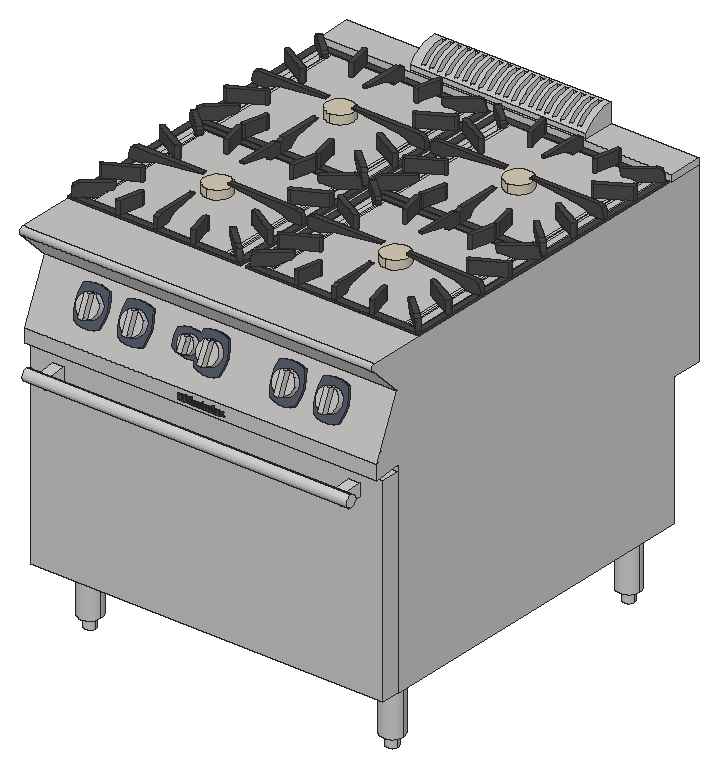
Revit family "QF_ELECTROLUXPROFESSIONAL_391006_E9GCGH4CGM", category Specialty Equipment, Revit 2018 (continued)
Automatic sketch dimensions
  Extrusion 12 sketch curve to Extrusion 12 sketch curve = 1.131 mm
  Extrusion 12 sketch curve to Extrusion 12 sketch curve = 0.137 mm
  Extrusion 12 sketch curve to Extrusion 12 sketch curve = 0.027 mm
  Extrusion 12 sketch curve to Extrusion 12 sketch curve = 2.235 mm
  Extrusion 13 sketch curve to Extrusion 1 = 0 mm
  Extrusion 1 to Extrusion 13 sketch curve = 9.61 mm
  Extrusion 13 sketch curve to Extrusion 1 = 0.775 mm
  Extrusion 1 to Extrusion 13 sketch curve = 0.1 mm
  Extrusion 15 sketch curve to plane 12 = 13.597 mm
  Extrusion 15 sketch curve to plane 13 = 298.908 mm
  plane 5 "FRONT" to Extrusion 15 sketch curve = 18.336 mm
  Extrusion 15 sketch curve to Extrusion 15 sketch curve = 3.343 mm
  Extrusion 15 sketch curve to Extrusion 15 sketch curve = 2.066 mm
  Extrusion 15 sketch curve to Extrusion 15 sketch curve = 0 mm  (x2)
  Extrusion 15 sketch curve to Extrusion 15 sketch curve = 1.593 mm
  Extrusion 15 sketch curve to Extrusion 15 sketch curve = 5.756 mm
  Extrusion 15 sketch curve to Extrusion 15 sketch curve = 4.906 mm
  Extrusion 15 sketch curve to Extrusion 15 sketch curve = 5.312 mm
  plane 5 "FRONT" to Extrusion 15 sketch curve = 9.206 mm
  Extrusion 15 sketch curve to Extrusion 15 sketch curve = 11.3 mm
  Extrusion 15 sketch curve to Extrusion 15 sketch curve = 28.009 mm
  Extrusion 15 sketch curve to Extrusion 15 sketch curve = 2.83 mm
  Extrusion 16 sketch curve to plane 12 = 13.597 mm
  Extrusion 16 sketch curve to plane 13 = 298.908 mm
  plane 5 "FRONT" to Extrusion 16 sketch curve = 18.336 mm
  Extrusion 16 sketch curve to Extrusion 16 sketch curve = 3.343 mm
  Extrusion 16 sketch curve to Extrusion 16 sketch curve = 2.066 mm
  Extrusion 16 sketch curve to Extrusion 16 sketch curve = 0 mm  (x2)
  Extrusion 16 sketch curve to Extrusion 16 sketch curve = 1.593 mm
  Extrusion 16 sketch curve to Extrusion 16 sketch curve = 5.756 mm
  Extrusion 16 sketch curve to Extrusion 16 sketch curve = 4.906 mm
  Extrusion 16 sketch curve to Extrusion 16 sketch curve = 5.312 mm
  plane 5 "FRONT" to Extrusion 16 sketch curve = 9.206 mm
  Extrusion 16 sketch curve to Extrusion 16 sketch curve = 11.3 mm
  Extrusion 16 sketch curve to Extrusion 16 sketch curve = 28.009 mm
  Extrusion 16 sketch curve to Extrusion 16 sketch curve = 11.2 mm
  Extrusion 17 sketch curve to Extrusion 13 = 0 mm
  Extrusion 17 sketch curve to Extrusion 13 = 0.003 mm
  Extrusion 13 to Extrusion 17 sketch curve = 0 mm
  plane 5 "FRONT" to Extrusion 19 sketch curve = 0 mm  (x2)
  plane 1 "BACK" to Extrusion 19 sketch curve = 0 mm
  Extrusion 19 sketch curve to plane 3 "LEFT" = 0 mm
  Extrusion 19 sketch curve to plane 4 "RIGHT" = 0 mm
  Extrusion 19 sketch curve to plane 3 "LEFT" = 100.013 mm
  Extrusion 19 sketch curve to Extrusion 19 sketch curve = 100.013 mm
  Extrusion 19 sketch curve to plane 1 "BACK" = 100.013 mm
  plane 4 "RIGHT" to Revolve 3 sketch curve = 56 mm
  Revolve 3 sketch curve to Revolve 3 sketch curve = 0 mm
  plane 4 "RIGHT" to Revolve 4 sketch curve = 56 mm
  Revolve 4 sketch curve to Revolve 4 sketch curve = 0 mm
  Extrusion 9 sketch curve to Extrusion 9 sketch curve = 15.898 mm
  plane 5 "FRONT" to curve 1 = 0 mm
  curve 9 to plane 3 "LEFT" = 0 mm
  plane 5 "FRONT" to curve 20 = 0 mm
  curve 5 to plane 4 "RIGHT" = 0 mm
  curve 1 to plane 3 "LEFT" = 100.013 mm
  plane 5 "FRONT" to curve 13 = 7.706 mm
  plane 14 to curve 13 = 25.075 mm
  plane 14 to curve 20 = 5.2 mm
  curve 22 to plane 14 = 20.2 mm
  curve 17 to plane 18 = 20.2 mm
  plane 18 to curve 23 = 5.2 mm
  plane 5 "FRONT" to curve 15 = 7.706 mm
  curve 15 to curve 15 = 19.875 mm
  plane 4 "RIGHT" to curve 10 = 0.1 mm
  curve 2 to plane 4 "RIGHT" = 100.013 mm
  curve 17 to curve 17 = 23.508 mm
  curve 20 to curve 19 = 15.802 mm
  curve 12 to curve 20 = 9.598 mm
  curve 9 to curve 12 = 387.524 mm
  curve 18 to curve 17 = 7.706 mm
  plane 5 "FRONT" to curve 10 = 0.63 mm
  curve 3 to plane 5 "FRONT" = 0.396 mm
  plane 11 to curve 7 = 4.762 mm
  curve 2 to plane 1 "BACK" = 100.013 mm
  plane 1 "BACK" to curve 24 = 0 mm
  curve 24 to plane 14 = 144 mm
  plane 1 "BACK" to curve 105 = 6.761 mm
  curve 24 to curve 105 = 20.698 mm
  curve 104 to curve 103 = 9.296 mm
  curve 103 to curve 102 = 9.397 mm
  curve 100 to curve 99 = 9.296 mm
  curve 99 to curve 97 = 9.397 mm
  curve 97 to curve 98 = 9.296 mm
  curve 95 to curve 93 = 9.397 mm
  curve 93 to curve 94 = 9.296 mm
  curve 91 to curve 90 = 9.397 mm
  curve 89 to curve 87 = 9.296 mm
  curve 87 to curve 85 = 9.397 mm
  curve 85 to curve 86 = 9.296 mm
  curve 83 to curve 82 = 9.397 mm
  curve 81 to curve 82 = 9.296 mm
  curve 79 to curve 76 = 9.397 mm
  curve 77 to curve 78 = 9.296 mm
  curve 75 to curve 72 = 9.397 mm
  curve 73 to curve 74 = 9.296 mm
  curve 71 to curve 68 = 9.397 mm
  curve 67 to plane 7 "Center Y" = 1.823 mm
  plane 7 "Center Y" to curve 65 = 7.574 mm
  curve 65 to curve 66 = 9.296 mm
  curve 63 to curve 61 = 9.397 mm
  curve 61 to curve 59 = 9.296 mm
  curve 59 to curve 57 = 9.397 mm
  curve 57 to curve 55 = 9.296 mm
  curve 55 to curve 53 = 9.397 mm
  curve 53 to curve 51 = 9.296 mm
  curve 51 to curve 48 = 9.397 mm
  curve 49 to curve 47 = 9.296 mm
  curve 47 to curve 45 = 9.397 mm
  curve 45 to curve 46 = 9.296 mm
  curve 43 to curve 41 = 9.397 mm
  curve 41 to curve 42 = 9.296 mm
  curve 39 to curve 37 = 9.397 mm
  curve 37 to curve 38 = 9.296 mm
  curve 35 to curve 32 = 9.397 mm
  curve 33 to curve 31 = 9.296 mm
  curve 31 to curve 28 = 9.397 mm
  curve 29 to curve 27 = 9.296 mm
  curve 27 to curve 26 = 14.847 mm
  plane 11 to curve 26 = 11.113 mm
  plane 11 to curve 104 = 17.052 mm
  plane 11 to curve 100 = 17.052 mm
  curve 100 to curve 96 = 0 mm
  curve 25 to curve 27 = 5.939 mm
  curve 95 to curve 93 = 0 mm
  curve 31 to curve 28 = 0 mm
  curve 91 to curve 89 = 0 mm
  curve 35 to curve 32 = 0 mm
  curve 87 to curve 85 = 0 mm
  curve 39 to curve 36 = 0 mm
  curve 83 to curve 81 = 0 mm
  curve 43 to curve 40 = 0 mm
  curve 79 to curve 77 = 0 mm
  curve 47 to curve 44 = 0 mm
  curve 75 to curve 73 = 0 mm
  curve 51 to curve 48 = 0 mm
  curve 71 to curve 69 = 0 mm
  curve 55 to curve 52 = 0 mm
  curve 67 to curve 65 = 0 mm
  curve 59 to curve 56 = 0 mm
  plane 1 "BACK" to curve 62 = 6.761 mm
  plane 1 "BACK" to curve 63 = 6.761 mm
  plane 1 "BACK" to curve 58 = 6.761 mm
  plane 1 "BACK" to curve 67 = 6.761 mm
  plane 1 "BACK" to curve 54 = 6.761 mm
  plane 1 "BACK" to curve 50 = 6.761 mm
  plane 1 "BACK" to curve 73 = 6.761 mm
  plane 1 "BACK" to curve 46 = 6.761 mm
  plane 1 "BACK" to curve 77 = 6.761 mm
  plane 1 "BACK" to curve 42 = 6.761 mm
  plane 1 "BACK" to curve 81 = 6.761 mm
  plane 1 "BACK" to curve 83 = 6.761 mm
  plane 1 "BACK" to curve 38 = 6.761 mm
  plane 1 "BACK" to curve 34 = 6.761 mm
  plane 1 "BACK" to curve 89 = 6.761 mm
  plane 1 "BACK" to curve 91 = 6.761 mm
  plane 1 "BACK" to curve 30 = 6.761 mm
  plane 1 "BACK" to curve 95 = 6.761 mm
  plane 1 "BACK" to curve 101 = 6.761 mm
  radius of Extrusion 10 sketch curve = 25.4 mm  (x5)
  radius of Extrusion 10 sketch curve = 19.05 mm
  radius of Extrusion 11 sketch curve to Extrusion 10 = 0 mm  (x6)
  radius of Extrusion 14 sketch curve to Extrusion 16 = 0 mm
  radius of Extrusion 18 sketch curve = 6.4 mm  (x2)
Nested families
  nested 1: "371009_BURNER" at (393.7, -440.488, 0) x (-1, 0, 0) z (0, 0, 1), type "371009_BURNER"
    with Type Mark "", Status "", Specification by User "", Revision Code "", Item Number "", Installed By "", Identify Quantity as Lot yes, Furnished By "", Foodservice Equipment Identifier yes
  nested 2: "371009_BURNER" at (393.7, -440.488, 0) x (-1, 0, 0) z (0, 0, 1), type "371009_BURNER"
    with Type Mark "", Status "", Specification by User "", Revision Code "", Item Number "", Installed By "", Identify Quantity as Lot yes, Furnished By "", Foodservice Equipment Identifier yes
  nested 3: "371009_BURNER" at (406.4, -440.488, 0), type "371009_BURNER"
    with Type Mark "", Status "", Specification by User "", Revision Code "", Item Number "", Installed By "", Identify Quantity as Lot yes, Furnished By "", Foodservice Equipment Identifier yes
  nested 4: "371009_BURNER" at (406.4, -440.488, 0), type "371009_BURNER"
    with Type Mark "", Status "", Specification by User "", Revision Code "", Item Number "", Installed By "", Identify Quantity as Lot yes, Furnished By "", Foodservice Equipment Identifier yes
Connectors
  piping at (749.3, -665.163, 128.587), diameter 12.8
    settings: on Extrusion 18, index 1, connector inside diameter 0.50394", connector length 0 mm, flow factor 0, pipe flow 0 GPM, pressure drop 0.00 psi, fitting loss kfactor 0, connector angle 0.00°, fixture units 0, engagement length 0 mm, angle of deflection 0.00°, flow configuration 1, flow direction 1, fitting loss method 0, system type 7, joint type 0, gender type 0, connector reference index -1, connector utility 0, adjustable connector no, is connector primary yes, connector description "GAS CONNECTION"
Definition of nested family "371009_BURNER"
  Parameters
    Weight in Pounds = 0
    URL Cutsheet = ""
    URL = "www.electrolux.com"
    Type Mark [instance] = ""
    Status [instance] = ""
    Specification by User [instance] = ""
    Specification by Manufacturer = ""
    Show Clearance [instance] = yes
    Serial Number = ""
    Seismic Rating = ""
    SMACNA No = ""
    Revision Code [instance] = ""
    Omniclass Number and Title = ""
    NAFEM Spec ID Number = ""
    Model = "371009"
    Masterspec = ""
    Manufacturer = "ELECTROLUX"
    Item Number [instance] = ""
    Installed By [instance] = ""
    Identify Quantity as Lot [instance] = yes
    Furnished By [instance] = ""
    Foodservice Equipment Identifier [instance] = yes
    Description = ""
    CSI MasterFormat = ""
    CSI Master Format = ""
  Reference planes
    plane 1 "BACK": y = 0
    plane 2: z = 0
    plane 3 "LEFT": x = 0
    plane 4 "RIGHT": x = 393.7
    plane 5 "FRONT": y = -355.6
    plane 6 "TOP": z = 908.85
    plane 7 "Center Y": x = 196.85
    plane 8 "Center X": y = -177.8
    plane 9 "Base": z = 150
    plane 10: z = 850.85
  Forms (mm)
    Extrusion 1, solid
      sketch origin (-6.433, -404.961, 5) x (1, 0, 0) y (0, 0, -1)
        loop
          arc (7.142, -850.85) -> (6.739, -862.989) -> (9.761, -874.752) r 42.809
          line (9.761, -874.752) -> (19.961, -879.425) -> (173.122, -879.425)
          arc (173.122, -879.425) -> (174.316, -878.312) -> (173.289, -877.043) r 1.197
          line (173.289, -877.043) -> (64.848, -864.021)
          arc (64.848, -864.021) -> (50.111, -858.738) -> (36.589, -850.85) r 85.245
          line (36.589, -850.85) -> (7.142, -850.85)
        loop
          line (399.424, -850.85) -> (369.977, -850.85)
          arc (369.977, -850.85) -> (356.455, -858.738) -> (341.718, -864.021) r 85.245
          line (341.718, -864.021) -> (233.277, -877.043)
          arc (233.277, -877.043) -> (232.25, -878.312) -> (233.444, -879.425) r 1.197
          line (233.444, -879.425) -> (386.605, -879.425) -> (396.806, -874.752)
          arc (396.806, -874.752) -> (399.827, -862.989) -> (399.424, -850.85) r 42.809
      from 224.564 to 234.564
    Extrusion 2, solid
      sketch origin (196.85, 175.397, 1219.2) x (0, 1, 0) y (0, 0, 1)
        loop
          line (-204.463, -363.35) -> (-175.397, -363.35) -> (-175.397, -339.506)
          arc (-175.397, -339.506) -> (-181.025, -338.266) -> (-185.611, -334.775) r 13.39
          line (-185.611, -334.775) -> (-278.903, -334.775)
          arc (-278.903, -334.775) -> (-280.097, -335.888) -> (-279.07, -337.157) r 1.197
          line (-279.07, -337.157) -> (-227.151, -347.464)
          arc (-227.151, -347.464) -> (-213.741, -352.457) -> (-204.463, -363.35) r 28.426
        loop
          arc (-496.332, -363.35) -> (-487.053, -352.457) -> (-473.644, -347.464) r 28.426
          line (-473.644, -347.464) -> (-421.725, -337.157)
          arc (-421.725, -337.157) -> (-420.697, -335.888) -> (-421.891, -334.775) r 1.197
          line (-421.891, -334.775) -> (-515.184, -334.775)
          arc (-515.184, -334.775) -> (-519.769, -338.266) -> (-525.397, -339.506) r 13.39
          line (-525.397, -339.506) -> (-525.397, -363.35) -> (-496.332, -363.35)
      from -5 to 5
    Extrusion 3, solid
      sketch origin (-6.433, 367.064, 850.85) x (0, -1, 0) y (1, 0, 0)
        loop
          line (722.664, 6.433) -> (722.664, 400.133) -> (367.064, 400.133) -> (367.064, 6.433) -> (722.664, 6.433)
        loop
          line (382.064, 21.433) -> (707.664, 21.433) -> (707.664, 385.133) -> (382.064, 385.133) -> (382.064, 21.433)
      from 0 to 5
    Extrusion 4, solid
      sketch origin (-18.933, 367.064, 855.85) x (0, -1, 0) y (1, 0, 0)
        loop
          circle (541.667, 215.783) r 30
      from -1.321 to 17.134
    Extrusion 5, solid
      sketch origin (-6.433, -367.064, 0) x (1, 0, 0) y (0, 0, -1)
        loop
          line (21.433, -855.85) -> (36.589, -855.85)
          arc (36.589, -855.85) -> (40.561, -855.243) -> (44.305, -853.783) r 18.259
          arc (44.305, -853.783) -> (45.997, -853.366) -> (47.69, -853.783) r 3.649
          arc (47.69, -853.783) -> (49.901, -854.522) -> (52.232, -854.529) r 7.328
          line (52.232, -854.529) -> (354.334, -854.529)
          arc (354.334, -854.529) -> (356.666, -854.522) -> (358.877, -853.783) r 7.328
          arc (358.877, -853.783) -> (360.569, -853.366) -> (362.261, -853.783) r 3.649
          arc (362.261, -853.783) -> (366.005, -855.243) -> (369.977, -855.85) r 18.259
          line (369.977, -855.85) -> (385.133, -855.85) -> (385.133, -850.85) -> (21.433, -850.85) -> (21.433, -855.85)
      from 26.464 to 352.064
    Extrusion 6, solid
      sketch origin (83.284, -458.334, 5) x (0.742103, 0.670286, 0) y (0, 0, -1)
        loop
          arc (88.629, -864.012) -> (73.909, -858.731) -> (60.402, -850.85) r 85.245
          line (60.402, -850.85) -> (14.993, -850.85)
          arc (14.993, -850.85) -> (14.642, -862.948) -> (17.686, -874.663) r 42.876
          line (17.686, -874.663) -> (27.899, -879.425) -> (89.664, -879.425)
          arc (89.664, -879.425) -> (92.39, -878.352) -> (93.654, -875.709) r 4
          arc (93.654, -875.709) -> (92.562, -869.25) -> (88.629, -864.012) r 13.87
        loop
          arc (457.638, -864.012) -> (453.704, -869.25) -> (452.613, -875.709) r 13.87
          arc (452.613, -875.709) -> (453.876, -878.352) -> (456.603, -879.425) r 4
          line (456.603, -879.425) -> (518.367, -879.425) -> (528.581, -874.663)
          arc (528.581, -874.663) -> (531.624, -862.948) -> (531.273, -850.85) r 42.876
          line (531.273, -850.85) -> (485.865, -850.85)
          arc (485.865, -850.85) -> (472.357, -858.731) -> (457.638, -864.012) r 85.245
      from 127.064 to 137.064
    Extrusion 7, solid
      sketch origin (310.416, -458.334, 5) x (-0.742103, 0.670286, 0) y (0, 0, 1)
        loop
          arc (88.629, 864.012) -> (92.562, 869.25) -> (93.654, 875.709) r 13.87
          arc (93.654, 875.709) -> (92.39, 878.352) -> (89.664, 879.425) r 4
          line (89.664, 879.425) -> (27.899, 879.425) -> (17.686, 874.663)
          arc (17.686, 874.663) -> (14.642, 862.948) -> (14.993, 850.85) r 42.876
          line (14.993, 850.85) -> (60.402, 850.85)
          arc (60.402, 850.85) -> (73.909, 858.731) -> (88.629, 864.012) r 85.245
        loop
          arc (457.638, 864.012) -> (472.357, 858.731) -> (485.865, 850.85) r 85.245
          line (485.865, 850.85) -> (531.273, 850.85)
          arc (531.273, 850.85) -> (531.624, 862.948) -> (528.581, 874.663) r 42.876
          line (528.581, 874.663) -> (518.367, 879.425) -> (456.603, 879.425)
          arc (456.603, 879.425) -> (453.876, 878.352) -> (452.613, 875.709) r 4
          arc (452.613, 875.709) -> (453.704, 869.25) -> (457.638, 864.012) r 13.87
      from 127.064 to 137.064
    Extrusion 8, solid
      sketch origin (-6.433, 367.064, 855.85) x (0, -1, 0) y (1, 0, 0)
        loop
          arc (626.166, 9.428) -> (632.956, 7.454) -> (634.93, 14.244) r 5
          line (634.93, 14.244) -> (600.514, 76.878)
          arc (600.514, 76.878) -> (593.724, 78.852) -> (591.75, 72.062) r 5
          line (591.75, 72.062) -> (626.166, 9.428)
        loop
          line (463.562, 9.428) -> (497.977, 72.062)
          arc (497.977, 72.062) -> (496.003, 78.852) -> (489.213, 76.878) r 5
          line (489.213, 76.878) -> (454.798, 14.244)
          arc (454.798, 14.244) -> (456.772, 7.454) -> (463.562, 9.428) r 5
        loop
          line (626.166, 397.138) -> (591.75, 334.504)
          arc (591.75, 334.504) -> (593.724, 327.714) -> (600.514, 329.689) r 5
          line (600.514, 329.689) -> (634.93, 392.323)
          arc (634.93, 392.323) -> (632.956, 399.113) -> (626.166, 397.138) r 5
        loop
          arc (463.562, 397.138) -> (456.772, 399.113) -> (454.798, 392.323) r 5
          line (454.798, 392.323) -> (489.213, 329.689)
          arc (489.213, 329.689) -> (496.003, 327.714) -> (497.977, 334.504) r 5
          line (497.977, 334.504) -> (463.562, 397.138)
        loop
          line (715.14, 293.499) -> (666.703, 282.317)
          arc (666.703, 282.317) -> (662.956, 276.32) -> (668.953, 272.573) r 5
          line (668.953, 272.573) -> (717.389, 283.756)
          arc (717.389, 283.756) -> (721.136, 289.752) -> (715.14, 293.499) r 5
        loop
          arc (715.14, 113.067) -> (721.136, 116.814) -> (717.389, 122.811) r 5
          line (717.389, 122.811) -> (668.953, 133.993)
          arc (668.953, 133.993) -> (662.956, 130.246) -> (666.703, 124.249) r 5
          line (666.703, 124.249) -> (715.14, 113.067)
        loop
          arc (374.588, 293.499) -> (368.591, 289.752) -> (372.338, 283.756) r 5
          line (372.338, 283.756) -> (420.775, 272.573)
          arc (420.775, 272.573) -> (426.771, 276.32) -> (423.024, 282.317) r 5
          line (423.024, 282.317) -> (374.588, 293.499)
        loop
          line (374.588, 113.067) -> (423.024, 124.249)
          arc (423.024, 124.249) -> (426.771, 130.246) -> (420.775, 133.993) r 5
          line (420.775, 133.993) -> (372.338, 122.811)
          arc (372.338, 122.811) -> (368.591, 116.814) -> (374.588, 113.067) r 5
      from 0 to 28.575
  Lines and regions (mm)
    symbolic lines
      curve 1: line (0, -355.6, 150) -> (393.7, -355.6, 150)
      curve 2: line (0, 0, 150) -> (0, -355.6, 150)
      curve 3: line (393.7, -355.6, 150) -> (393.7, 0, 150)
      curve 4: line (369.633, -15, 150) -> (285.34, -15, 150)
      curve 5: line (24.067, -340.6, 150) -> (108.36, -340.6, 150)
      curve 6: line (157.475, -170.397, 150) -> (157.475, -15, 150)
      curve 7: line (236.225, -170.397, 150) -> (236.225, -15, 150)
      curve 8: line (201.85, -350, 150) -> (201.85, -176.674, 150)
      curve 9: line (0, -180.397, 150) -> (167.224, -180.397, 150)
      curve 10: line (393.7, -170.397, 150) -> (228.275, -170.397, 150)
      curve 11: line (15, -180.397, 150) -> (15, -252.506, 150)
      curve 12: line (45.799, -340.6, 150) -> (45.799, -320.971, 150)
      curve 13: line (167.224, -170.397, 150) -> (0, -170.397, 150)
      curve 14: line (228.275, -180.504, 150) -> (393.7, -180.504, 150)
      curve 15: arc (228.275, -170.397, 150) -> (223.221, -175.45, 150) -> (228.275, -180.504, 150) r 5.054
      curve 16: arc (167.224, -170.397, 150) -> (172.224, -175.397, 150) -> (167.224, -180.397, 150) r 5
      curve 17: line (191.85, -176.674, 150) -> (191.85, -350, 150)
      curve 18: line (201.85, -134.556, 150) -> (201.85, -0.794, 150)
      curve 19: arc (201.85, -176.674, 150) -> (196.85, -171.674, 150) -> (191.85, -176.674, 150) r 5
      curve 20: arc (201.85, -134.556, 150) -> (196.85, -139.556, 150) -> (191.85, -134.556, 150) r 5
      curve 21: line (191.85, -15, 150) -> (118.623, -15, 150)
      curve 22: arc (201.85, -29.042, 150) -> (213.272, -50.008, 150) -> (201.85, -70.973, 150) r 24.953
      curve 23: arc (213.086, -53.048, 150) -> (214.5, -50.008, 150) -> (213.086, -46.967, 150) r 3.975
      curve 24: arc (191.85, -29.852, 150) -> (181.339, -50.008, 150) -> (191.85, -70.163, 150) r 24.58
      curve 25: arc (181.527, -53.042, 150) -> (179.976, -50.008, 150) -> (181.527, -46.973, 150) r 3.745
      curve 26: line (191.85, -0.794, 150) -> (191.85, -134.556, 150)
      curve 27: line (191.85, -350, 150) -> (201.85, -350, 150)
      curve 28: line (191.85, -11.007, 150) -> (201.85, -11.007, 150)
      curve 29: line (191.85, -0.794, 150) -> (201.85, -0.794, 150)
      curve 30: line (201.85, -340.6, 150) -> (275.077, -340.6, 150)
      curve 31: arc (196.85, -145.397, 0) -> (166.955, -172.888, 0) -> (191.85, -204.977, 0) r 30
      curve 32: arc (201.85, -204.977, 0) -> (226.745, -172.888, 0) -> (196.85, -145.397, 0) r 30
      curve 33: arc (158.678, -180.397, 0) -> (170.734, -200.207, 0) -> (191.85, -209.795, 0) r 39.375
      curve 34: line (163.825, -170.397, 150) -> (163.825, -15, 150)
      curve 35: line (229.875, -170.397, 150) -> (229.875, -15, 150)
      curve 36: line (144.775, -170.397, 150) -> (144.775, -15, 150)
      curve 37: line (248.925, -170.397, 150) -> (248.925, -15, 150)
      curve 38: arc (145.678, -180.397, 0) -> (161.728, -209.187, 0) -> (191.85, -222.573, 0) r 52.075
      curve 39: arc (201.85, -209.795, 0) -> (222.966, -200.207, 0) -> (235.022, -180.397, 0) r 39.375
      curve 40: arc (201.85, -222.573, 0) -> (231.931, -209.224, 0) -> (248.001, -180.504, 0) r 52.075
      curve 41: line (393.7, 0, 0) -> (0, 0, 0)
      curve 42: line (70.445, -122.149, 0) -> (7.81, -87.734, 0)
      curve 43: arc (7.81, -87.734, 0) -> (1.021, -89.708, 0) -> (2.995, -96.498, 0) r 5
      curve 44: line (2.995, -96.498, 0) -> (65.629, -130.914, 0)
      curve 45: arc (65.629, -130.914, 0) -> (72.419, -128.939, 0) -> (70.445, -122.149, 0) r 5
      curve 46: line (65.629, -224.686, 0) -> (2.995, -259.102, 0)
      curve 47: arc (2.995, -259.102, 0) -> (1.021, -265.892, 0) -> (7.81, -267.866, 0) r 5
      curve 48: line (7.81, -267.866, 0) -> (70.445, -233.451, 0)
      curve 49: arc (70.445, -233.451, 0) -> (72.419, -226.661, 0) -> (65.629, -224.686, 0) r 5
      curve 50: line (323.255, -122.149, 0) -> (385.89, -87.734, 0)
      curve 51: arc (385.89, -87.734, 0) -> (392.679, -89.708, 0) -> (390.705, -96.498, 0) r 5
      curve 52: line (390.705, -96.498, 0) -> (328.071, -130.914, 0)
      curve 53: arc (328.071, -130.914, 0) -> (321.281, -128.939, 0) -> (323.255, -122.149, 0) r 5
      curve 54: line (328.071, -224.686, 0) -> (390.705, -259.102, 0)
      curve 55: arc (390.705, -259.102, 0) -> (392.679, -265.892, 0) -> (385.89, -267.866, 0) r 5
      curve 56: line (385.89, -267.866, 0) -> (323.255, -233.451, 0)
      curve 57: arc (323.255, -233.451, 0) -> (321.281, -226.661, 0) -> (328.071, -224.686, 0) r 5
      curve 58: line (118.623, -340.6, 150) -> (191.85, -340.6, 150)
      curve 59: line (285.34, -340.6, 150) -> (369.633, -340.6, 150)
      curve 60: line (378.7, -335.314, 0) -> (378.7, -263.916, 0)
      curve 61: line (1.326, -7.935, 0) -> (58.752, -59.804, 0)
      curve 62: line (65.455, -52.383, 0) -> (8.029, -0.514, 0)
      curve 63: arc (58.752, -59.804, 0) -> (65.814, -59.445, 0) -> (65.455, -52.383, 0) r 5
      curve 64: line (1.326, -7.935, 0) -> (8.029, -0.514, 0)
      curve 65: line (392.374, -7.935, 0) -> (334.948, -59.804, 0)
      curve 66: line (328.245, -52.383, 0) -> (385.671, -0.514, 0)
      curve 67: arc (334.948, -59.804, 0) -> (327.886, -59.445, 0) -> (328.245, -52.383, 0) r 5
      curve 68: line (392.374, -7.935, 0) -> (385.671, -0.514, 0)
      curve 69: line (392.374, -347.665, 0) -> (334.948, -295.796, 0)
      curve 70: line (328.245, -303.217, 0) -> (385.671, -355.086, 0)
      curve 71: arc (334.948, -295.796, 0) -> (327.886, -296.155, 0) -> (328.245, -303.217, 0) r 5
      curve 72: line (392.374, -347.665, 0) -> (385.671, -355.086, 0)
      curve 73: line (1.326, -347.665, 0) -> (58.752, -295.796, 0)
      curve 74: line (65.455, -303.217, 0) -> (8.029, -355.086, 0)
      curve 75: arc (58.752, -295.796, 0) -> (65.814, -296.155, 0) -> (65.455, -303.217, 0) r 5
      curve 76: line (1.326, -347.665, 0) -> (8.029, -355.086, 0)
      curve 77: line (347.901, -15, 0) -> (347.901, -34.629, 0)
      curve 78: line (347.901, -320.971, 0) -> (347.901, -340.6, 0)
      curve 79: line (378.7, -252.506, 0) -> (378.7, -180.397, 0)
      curve 80: line (347.901, -246.993, 0) -> (347.901, -307.496, 0)
      curve 81: line (378.7, -170.397, 0) -> (378.7, -103.094, 0)
      curve 82: line (347.901, -180.397, 0) -> (347.901, -235.582, 0)
      curve 83: line (378.7, -91.684, 0) -> (378.7, -20.286, 0)
      curve 84: line (347.901, -120.018, 0) -> (347.901, -170.397, 0)
      curve 85: line (347.901, -48.104, 0) -> (347.901, -108.607, 0)
      curve 86: line (275.077, -15, 150) -> (201.85, -15, 150)
      curve 87: line (108.36, -15, 150) -> (24.067, -15, 150)
      curve 88: line (45.799, -40, 150) -> (45.799, -15, 150)
      curve 89: line (45.799, -108.607, 150) -> (45.799, -40, 150)
      curve 90: line (15, -20.286, 0) -> (15, -91.684, 0)
      curve 91: line (15, -103.094, 0) -> (15, -170.397, 0)
      curve 92: line (45.799, -170.397, 150) -> (45.799, -120.018, 150)
      curve 93: line (45.799, -235.582, 150) -> (45.799, -180.397, 150)
      curve 94: line (15, -263.916, 150) -> (15, -335.314, 150)
      curve 95: line (45.799, -307.496, 150) -> (45.799, -246.993, 150)
      curve 96: line (116.378, -350.325, 0) -> (127.56, -301.889, 0)
      curve 97: arc (127.56, -301.889, 0) -> (123.813, -295.892, 0) -> (117.816, -299.64, 0) r 5
      curve 98: line (117.816, -299.64, 0) -> (106.634, -348.076, 0)
      curve 99: arc (106.634, -348.076, 0) -> (110.381, -354.072, 0) -> (116.378, -350.325, 0) r 5
      curve 100: line (266.14, -301.889, 0) -> (277.322, -350.325, 0)
      curve 101: arc (277.322, -350.325, 0) -> (283.319, -354.072, 0) -> (287.066, -348.076, 0) r 5
      curve 102: line (287.066, -348.076, 0) -> (275.884, -299.64, 0)
      curve 103: arc (275.884, -299.64, 0) -> (269.887, -295.892, 0) -> (266.14, -301.889, 0) r 5
      curve 104: line (275.884, -55.96, 0) -> (287.066, -7.524, 0)
      curve 105: arc (287.066, -7.524, 0) -> (283.319, -1.528, 0) -> (277.322, -5.275, 0) r 5
      curve 106: line (277.322, -5.275, 0) -> (266.14, -53.711, 0)
      curve 107: arc (266.14, -53.711, 0) -> (269.887, -59.708, 0) -> (275.884, -55.96, 0) r 5
      curve 108: line (127.56, -53.711, 0) -> (116.378, -5.275, 0)
      curve 109: arc (116.378, -5.275, 0) -> (110.381, -1.528, 0) -> (106.634, -7.524, 0) r 5
      curve 110: line (106.634, -7.524, 0) -> (117.816, -55.96, 0)
      curve 111: arc (117.816, -55.96, 0) -> (123.813, -59.708, 0) -> (127.56, -53.711, 0) r 5
  Dimensions and locks
    equal spacing: plane 3 "LEFT", plane 7 "Center Y", plane 4 "RIGHT"
    plane 3 "LEFT" to plane 4 "RIGHT" = 393.7 mm
    equal spacing: plane 5 "FRONT", plane 8 "Center X", plane 1 "BACK"
    plane 5 "FRONT" to plane 1 "BACK" = 355.6 mm
    plane 6 "TOP" to level = 908.85 mm
    plane 9 "Base" to level = 150 mm
    plane 6 "TOP" to plane 10 = 58 mm  (x2)
    locked: Extrusion 4 sketch curve to plane 7 "Center Y" at 0
    aligned and locked: level to plane 2
  Automatic sketch dimensions
    curve 10 to plane 4 "RIGHT" = 0 mm
    curve 20 to plane 7 "Center Y" = 0 mm
    curve 19 to plane 7 "Center Y" = 0 mm
    curve 9 to plane 3 "LEFT" = 0 mm
    plane 1 "BACK" to curve 2 = 0 mm
    plane 1 "BACK" to curve 3 = 0 mm
    plane 5 "FRONT" to curve 2 = 0 mm
    curve 4 to plane 4 "RIGHT" = 24.067 mm
    curve 59 to plane 4 "RIGHT" = 24.067 mm
    plane 1 "BACK" to curve 37 = 15 mm
    plane 7 "Center Y" to curve 37 = 52.075 mm
    curve 37 to curve 7 = 12.7 mm
    curve 7 to curve 35 = 6.35 mm
    plane 8 "Center X" to curve 15 = 2.35 mm
    curve 35 to curve 15 = 1.6 mm
    plane 7 "Center Y" to curve 23 = 16.236 mm
    curve 23 to curve 23 = 0 mm
    curve 23 to curve 23 = 2.56 mm
    curve 23 to curve 24 = 4.607 mm
    plane 7 "Center Y" to curve 86 = 5 mm
    plane 7 "Center Y" to curve 27 = 5 mm
    curve 22 to plane 7 "Center Y" = 8.531 mm
    curve 22 to curve 25 = 4.597 mm
    curve 25 to curve 25 = 2.194 mm  (x2)
    curve 9 to plane 8 "Center X" = 2.597 mm
    curve 17 to curve 9 = 24.626 mm
    curve 21 to curve 34 = 28.025 mm
    curve 34 to curve 6 = 6.35 mm
    plane 8 "Center X" to curve 36 = 7.403 mm
    curve 6 to curve 36 = 12.7 mm
    plane 3 "LEFT" to curve 12 = 45.799 mm
    plane 3 "LEFT" to curve 87 = 24.067 mm
    plane 3 "LEFT" to curve 5 = 24.067 mm
    plane 1 "BACK" to curve 26 = 0.794 mm
    curve 28 to curve 86 = 3.993 mm
    curve 28 to curve 21 = 3.993 mm
    curve 86 to curve 22 = 14.042 mm
    curve 22 to curve 24 = 0.81 mm
    curve 22 to curve 23 = 17.925 mm
    curve 25 to curve 22 = 3.035 mm
    plane 8 "Center X" to curve 26 = 43.244 mm
    curve 15 to curve 15 = 5.054 mm
    plane 8 "Center X" to curve 17 = 1.126 mm
    curve 94 to curve 12 = 5.286 mm
    curve 58 to plane 5 "FRONT" = 15 mm
    curve 59 to plane 5 "FRONT" = 15 mm
    curve 8 to plane 5 "FRONT" = 5.6 mm
    plane 3 "LEFT" to Extrusion 1 sketch curve = 0.709 mm
    plane 3 "LEFT" to Extrusion 1 sketch curve = 3.327 mm
    Extrusion 1 sketch curve to Extrusion 1 sketch curve = 10.201 mm
    plane 10 to Extrusion 1 sketch curve = 5 mm  (x2)
    Extrusion 1 sketch curve to Extrusion 1 sketch curve = 29.447 mm
    Extrusion 1 sketch curve to Extrusion 1 sketch curve = 12.704 mm  (x2)
    Extrusion 1 sketch curve to Extrusion 1 sketch curve = 15.555 mm  (x2)
    plane 3 "LEFT" to Extrusion 1 sketch curve = 79.689 mm
    Extrusion 1 sketch curve to plane 7 "Center Y" = 30.161 mm
    Extrusion 1 sketch curve to Extrusion 1 sketch curve = 0.167 mm  (x2)
    plane 7 "Center Y" to Extrusion 1 sketch curve = 29.994 mm
    Extrusion 1 sketch curve to plane 4 "RIGHT" = 79.689 mm
    plane 10 to Extrusion 1 sketch curve = 18.171 mm
    Extrusion 1 sketch curve to plane 4 "RIGHT" = 58.415 mm
    Extrusion 1 sketch curve to plane 4 "RIGHT" = 13.528 mm
    Extrusion 1 sketch curve to plane 4 "RIGHT" = 3.327 mm
    Extrusion 1 sketch curve to plane 4 "RIGHT" = 0.709 mm
    Extrusion 1 sketch curve to Extrusion 1 sketch curve = 23.902 mm  (x2)
    Extrusion 1 sketch curve to plane 6 "TOP" = 26.807 mm  (x2)
    Extrusion 1 sketch curve to Extrusion 1 sketch curve = 1.185 mm  (x2)
    Extrusion 1 sketch curve to Extrusion 1 sketch curve = 5.694 mm
    Extrusion 2 sketch curve to plane 1 "BACK" = 0 mm
    plane 1 "BACK" to Extrusion 2 sketch curve = 10.213 mm
    plane 10 to Extrusion 2 sketch curve = 5 mm  (x2)
    plane 1 "BACK" to Extrusion 2 sketch curve = 29.066 mm
    plane 10 to Extrusion 2 sketch curve = 20.886 mm
    Extrusion 2 sketch curve to Extrusion 2 sketch curve = 22.688 mm  (x2)
    Extrusion 2 sketch curve to plane 10 = 7.392 mm  (x2)
    Extrusion 2 sketch curve to plane 6 "TOP" = 24.425 mm
    Extrusion 2 sketch curve to Extrusion 2 sketch curve = 51.752 mm
    Extrusion 2 sketch curve to plane 6 "TOP" = 26.807 mm  (x2)
    Extrusion 2 sketch curve to Extrusion 2 sketch curve = 0.167 mm  (x2)
    Extrusion 2 sketch curve to plane 8 "Center X" = 68.528 mm
    Extrusion 2 sketch curve to plane 5 "FRONT" = 60.248 mm
    Extrusion 2 sketch curve to Extrusion 2 sketch curve = 2.895 mm
    Extrusion 2 sketch curve to plane 5 "FRONT" = 15.813 mm
    Extrusion 2 sketch curve to plane 5 "FRONT" = 5.6 mm
    Extrusion 2 sketch curve to Extrusion 2 sketch curve = 4.731 mm
    Extrusion 2 sketch curve to Extrusion 2 sketch curve = 23.844 mm
    Extrusion 2 sketch curve to Extrusion 2 sketch curve = 1.185 mm
    plane 1 "BACK" to Extrusion 3 sketch curve = 0 mm
    Extrusion 3 sketch curve to plane 3 "LEFT" = 0 mm
    plane 5 "FRONT" to Extrusion 3 sketch curve = 0 mm
    Extrusion 3 sketch curve to plane 4 "RIGHT" = 0 mm
    plane 1 "BACK" to Extrusion 3 sketch curve = 15 mm
    Extrusion 3 sketch curve to plane 5 "FRONT" = 15 mm
    plane 3 "LEFT" to Extrusion 3 sketch curve = 15 mm
    Extrusion 3 sketch curve to plane 4 "RIGHT" = 15 mm
    Extrusion 3 to Extrusion 4 sketch curve = 159.603 mm
    Extrusion 5 sketch curve to plane 10 = 0 mm
    plane 3 "LEFT" to Extrusion 5 sketch curve = 15 mm
    Extrusion 5 sketch curve to Extrusion 5 sketch curve = 14.402 mm
    plane 10 to Extrusion 5 sketch curve = 5 mm
    Extrusion 5 sketch curve to Extrusion 5 sketch curve = 15.156 mm
    plane 10 to Extrusion 5 sketch curve = 2.933 mm  (x3)
    Extrusion 5 sketch curve to Extrusion 5 sketch curve = 7.716 mm  (x2)
    Extrusion 5 sketch curve to Extrusion 5 sketch curve = 0 mm  (x3)
    Extrusion 5 sketch curve to Extrusion 5 sketch curve = 1.692 mm  (x2)
    Extrusion 5 sketch curve to Extrusion 5 sketch curve = 3.385 mm  (x2)
    Extrusion 5 sketch curve to plane 10 = 3.559 mm  (x2)
    plane 10 to Extrusion 5 sketch curve = 3.679 mm
    Extrusion 5 sketch curve to plane 4 "RIGHT" = 45.799 mm
    Extrusion 5 sketch curve to Extrusion 5 sketch curve = 1.143 mm
    Extrusion 5 sketch curve to plane 10 = 13.244 mm
    Extrusion 5 sketch curve to plane 4 "RIGHT" = 15 mm
    plane 10 to Extrusion 6 sketch curve = 5 mm  (x2)
    Extrusion 6 sketch curve to Extrusion 6 sketch curve = 2.692 mm  (x2)
    Extrusion 6 sketch curve to Extrusion 6 sketch curve = 10.213 mm  (x2)
    plane 10 to Extrusion 6 sketch curve = 12.281 mm
    Extrusion 6 sketch curve to Extrusion 6 sketch curve = 29.348 mm  (x2)
    Extrusion 6 sketch curve to Extrusion 6 sketch curve = 3.155 mm  (x2)
    Extrusion 6 sketch curve to Extrusion 6 sketch curve = 22.572 mm
    Extrusion 6 sketch curve to Extrusion 6 sketch curve = 8.81 mm
    Extrusion 6 sketch curve to Extrusion 6 sketch curve = 9.845 mm  (x2)
    Extrusion 6 sketch curve to Extrusion 6 sketch curve = 3.99 mm  (x2)
    Extrusion 6 sketch curve to Extrusion 6 sketch curve = 0 mm  (x2)
    Extrusion 6 sketch curve to Extrusion 6 sketch curve = 49.533 mm
    Extrusion 6 sketch curve to plane 10 = 64.377 mm
    Extrusion 6 sketch curve to Extrusion 6 sketch curve = 326.397 mm
    Extrusion 6 sketch curve to plane 6 "TOP" = 28.141 mm
    Extrusion 6 sketch curve to Extrusion 6 sketch curve = 16.281 mm
    Extrusion 6 sketch curve to Extrusion 6 sketch curve = 1.035 mm
    Extrusion 6 sketch curve to Extrusion 6 sketch curve = 19.417 mm
    Extrusion 6 sketch curve to Extrusion 6 sketch curve = 4.763 mm  (x2)
    Extrusion 6 sketch curve to Extrusion 6 sketch curve = 3.716 mm
    plane 10 to Extrusion 7 sketch curve = 5 mm  (x2)
    Extrusion 7 sketch curve to Extrusion 7 sketch curve = 2.692 mm  (x2)
    Extrusion 7 sketch curve to Extrusion 7 sketch curve = 10.213 mm  (x2)
    plane 10 to Extrusion 7 sketch curve = 12.281 mm
    Extrusion 7 sketch curve to Extrusion 7 sketch curve = 29.348 mm  (x2)
    Extrusion 7 sketch curve to Extrusion 7 sketch curve = 3.155 mm  (x2)
    Extrusion 7 sketch curve to Extrusion 7 sketch curve = 22.572 mm
    Extrusion 7 sketch curve to Extrusion 7 sketch curve = 8.81 mm
    Extrusion 7 sketch curve to Extrusion 7 sketch curve = 9.845 mm  (x2)
    Extrusion 7 sketch curve to Extrusion 7 sketch curve = 3.99 mm  (x2)
    Extrusion 7 sketch curve to Extrusion 7 sketch curve = 0 mm  (x2)
    Extrusion 7 sketch curve to Extrusion 7 sketch curve = 21.306 mm
    Extrusion 7 sketch curve to plane 10 = 64.377 mm  (x2)
    Extrusion 7 sketch curve to Extrusion 7 sketch curve = 326.397 mm
    Extrusion 7 sketch curve to plane 6 "TOP" = 28.141 mm
    Extrusion 7 sketch curve to Extrusion 7 sketch curve = 16.281 mm
    Extrusion 7 sketch curve to Extrusion 7 sketch curve = 1.035 mm
    Extrusion 7 sketch curve to Extrusion 7 sketch curve = 19.417 mm
    Extrusion 7 sketch curve to Extrusion 7 sketch curve = 7.281 mm
    Extrusion 7 sketch curve to Extrusion 7 sketch curve = 10.713 mm
    curve 58 to curve 12 = 72.824 mm
    curve 30 to curve 30 = 73.227 mm
    curve 58 to curve 5 = 10.263 mm
    curve 5 to curve 58 = 0 mm
    curve 59 to curve 30 = 10.263 mm
    curve 30 to curve 8 = 9.4 mm
    curve 31 to curve 32 = 0 mm
    curve 33 to curve 38 = 0 mm  (x2)
    curve 33 to curve 39 = 0 mm  (x2)
    curve 33 to curve 40 = 0 mm  (x2)
    plane 1 "BACK" to curve 41 = 0 mm
    curve 41 to plane 3 "LEFT" = 0 mm
    curve 31 to plane 7 "Center Y" = 0 mm
    curve 33 to plane 7 "Center Y" = 0 mm
    curve 41 to plane 4 "RIGHT" = 0 mm
    plane 3 "LEFT" to curve 76 = 1.326 mm
    plane 3 "LEFT" to curve 64 = 1.326 mm
    plane 3 "LEFT" to curve 44 = 2.995 mm
    plane 3 "LEFT" to curve 46 = 2.995 mm
    curve 43 to curve 43 = 2.408 mm
    curve 46 to curve 47 = 2.408 mm
    curve 47 to curve 47 = 2.408 mm
    curve 43 to curve 42 = 2.408 mm
    curve 76 to plane 5 "FRONT" = 0.514 mm
    plane 3 "LEFT" to curve 76 = 8.029 mm
    plane 1 "BACK" to curve 62 = 0.514 mm
    plane 3 "LEFT" to curve 62 = 8.029 mm
    curve 48 to curve 75 = 50.941 mm
    curve 43 to curve 63 = 50.941 mm
    curve 75 to curve 75 = 3.351 mm
    curve 63 to curve 63 = 3.351 mm
    plane 1 "BACK" to curve 62 = 52.383 mm
    curve 63 to curve 62 = 3.351 mm
    curve 74 to plane 5 "FRONT" = 52.383 mm
    curve 75 to curve 74 = 3.351 mm
    plane 3 "LEFT" to curve 46 = 65.629 mm
    plane 3 "LEFT" to curve 44 = 65.629 mm
    curve 45 to curve 45 = 2.408 mm
    curve 46 to curve 49 = 2.408 mm
    curve 49 to curve 48 = 2.408 mm
    curve 45 to curve 42 = 2.408 mm
    curve 38 to plane 8 "Center X" = 2.597 mm
    curve 38 to plane 7 "Center Y" = 51.172 mm
    curve 33 to plane 8 "Center X" = 2.597 mm
    curve 38 to curve 33 = 12.999 mm
    curve 33 to plane 7 "Center Y" = 5 mm
    curve 38 to plane 7 "Center Y" = 5 mm
    curve 31 to curve 33 = 0 mm
    plane 7 "Center Y" to curve 32 = 5 mm
    plane 7 "Center Y" to curve 40 = 5 mm
    curve 39 to curve 32 = 0 mm
    curve 39 to plane 8 "Center X" = 2.597 mm
    plane 7 "Center Y" to curve 39 = 38.172 mm
    curve 40 to plane 8 "Center X" = 2.704 mm
    curve 39 to curve 40 = 12.979 mm
    curve 50 to plane 4 "RIGHT" = 70.445 mm
    curve 57 to plane 4 "RIGHT" = 70.445 mm
    curve 50 to curve 53 = 2.408 mm
    curve 57 to curve 57 = 2.408 mm  (x2)
    curve 53 to curve 53 = 2.408 mm
    curve 71 to curve 71 = 3.351 mm
    curve 67 to curve 67 = 3.351 mm
    curve 71 to curve 69 = 3.351 mm
    curve 67 to curve 65 = 3.351 mm
    curve 60 to plane 4 "RIGHT" = 15 mm
    curve 72 to plane 5 "FRONT" = 0.514 mm
    curve 72 to plane 4 "RIGHT" = 8.029 mm
    plane 1 "BACK" to curve 68 = 0.514 mm
    curve 68 to plane 4 "RIGHT" = 8.029 mm
    curve 50 to plane 4 "RIGHT" = 7.81 mm
    curve 55 to plane 4 "RIGHT" = 7.81 mm
    curve 55 to curve 55 = 2.408 mm
    curve 50 to curve 51 = 2.408 mm
    curve 55 to plane 4 "RIGHT" = 2.995 mm
    curve 51 to plane 4 "RIGHT" = 2.995 mm
    curve 69 to plane 4 "RIGHT" = 1.326 mm
    curve 65 to plane 4 "RIGHT" = 1.326 mm
    curve 72 to plane 5 "FRONT" = 7.935 mm
    curve 60 to plane 5 "FRONT" = 20.286 mm
    curve 71 to curve 56 = 27.93 mm
    curve 73 to curve 48 = 27.93 mm
    curve 47 to curve 47 = 4.382 mm
    curve 55 to curve 55 = 4.382 mm
    curve 56 to plane 8 "Center X" = 55.651 mm
    curve 48 to plane 8 "Center X" = 55.651 mm
    curve 57 to curve 57 = 4.382 mm
    curve 49 to curve 49 = 4.382 mm
    curve 40 to plane 8 "Center X" = 44.773 mm
    curve 39 to curve 32 = 4.818 mm
    plane 8 "Center X" to curve 31 = 2.403 mm
    plane 8 "Center X" to curve 45 = 46.886 mm
    plane 8 "Center X" to curve 52 = 46.886 mm
    curve 53 to curve 53 = 4.382 mm
    curve 45 to curve 45 = 4.382 mm
    curve 53 to curve 52 = 34.416 mm
    curve 44 to curve 61 = 36.694 mm
    curve 43 to curve 43 = 4.382 mm
    curve 51 to curve 51 = 4.382 mm
    curve 51 to curve 65 = 27.93 mm
    plane 1 "BACK" to curve 83 = 20.286 mm
    plane 1 "BACK" to curve 88 = 15 mm
    plane 1 "BACK" to curve 77 = 15 mm
    curve 77 to curve 83 = 30.799 mm
    curve 78 to plane 5 "FRONT" = 15 mm
    curve 80 to curve 71 = 7.989 mm
    curve 78 to curve 60 = 30.799 mm
    curve 78 to curve 80 = 13.475 mm
    curve 55 to curve 79 = 10.979 mm
    curve 82 to curve 57 = 6.514 mm
    curve 80 to curve 78 = 0 mm
    curve 80 to curve 82 = 11.41 mm
    curve 77 to curve 66 = 37.77 mm
    curve 60 to curve 79 = 11.41 mm
    plane 8 "Center X" to curve 81 = 7.403 mm
    plane 8 "Center X" to curve 84 = 7.403 mm
    curve 82 to plane 8 "Center X" = 2.597 mm
    curve 82 to curve 84 = 0 mm
    curve 79 to plane 8 "Center X" = 2.597 mm
    curve 79 to curve 81 = 0 mm
    curve 81 to curve 51 = 10.979 mm
    curve 53 to curve 85 = 17.924 mm
    curve 84 to curve 81 = 30.799 mm
    curve 84 to curve 85 = 11.41 mm
    curve 52 to curve 84 = 19.83 mm
    curve 81 to curve 83 = 11.41 mm
    curve 67 to curve 85 = 7.989 mm
    curve 85 to curve 77 = 0 mm
    curve 85 to curve 77 = 13.475 mm
    curve 86 to curve 37 = 26.152 mm
    curve 4 to curve 86 = 10.263 mm
    curve 86 to curve 4 = 0 mm
    curve 36 to curve 21 = 26.152 mm
    curve 88 to curve 88 = 25 mm
    plane 8 "Center X" to curve 89 = 69.193 mm
    curve 43 to curve 90 = 9.597 mm
    curve 43 to curve 90 = 0.432 mm
    plane 1 "BACK" to curve 90 = 20.286 mm
    curve 93 to plane 8 "Center X" = 2.597 mm
    plane 8 "Center X" to curve 91 = 7.403 mm
    curve 95 to plane 8 "Center X" = 69.193 mm
    curve 93 to curve 94 = 28.333 mm
    curve 95 to curve 12 = 33.104 mm
    curve 21 to curve 87 = 10.263 mm
    curve 87 to curve 21 = 0 mm
    curve 91 to curve 90 = 11.41 mm
    curve 89 to curve 87 = 21.732 mm
    curve 89 to curve 92 = 11.41 mm
    curve 92 to curve 89 = 0 mm
    plane 8 "Center X" to curve 92 = 7.403 mm
    curve 91 to curve 90 = 0 mm
    curve 93 to curve 95 = 0 mm
    curve 93 to curve 95 = 11.41 mm
    curve 11 to curve 94 = 0 mm
    curve 11 to curve 94 = 11.41 mm
    curve 95 to curve 11 = 30.799 mm
    curve 95 to curve 12 = 13.475 mm
    plane 3 "LEFT" to curve 95 = 45.799 mm
    curve 95 to curve 5 = 33.104 mm
    Extrusion 8 sketch curve to Extrusion 3 = 5.275 mm  (x2)
    Extrusion 8 sketch curve to Extrusion 8 sketch curve = 1.125 mm  (x16)
    Extrusion 3 to Extrusion 8 sketch curve = 38.711 mm  (x2)
    Extrusion 8 sketch curve to Extrusion 3 = 7.19 mm  (x3)
    Extrusion 3 to Extrusion 8 sketch curve = 72.734 mm  (x2)
    Extrusion 8 sketch curve to Extrusion 8 sketch curve = 4.382 mm  (x16)
    Extrusion 8 sketch curve to Extrusion 3 = 2.995 mm  (x4)
    Extrusion 8 sketch curve to Extrusion 8 sketch curve = 34.416 mm  (x4)
    Extrusion 3 to Extrusion 8 sketch curve = 50.629 mm  (x3)
    Extrusion 8 sketch curve to Extrusion 8 sketch curve = 93.773 mm  (x2)
    Extrusion 3 to Extrusion 8 sketch curve = 40.96 mm  (x2)
    Extrusion 8 sketch curve to Extrusion 3 = 7.476 mm  (x2)
    Extrusion 8 sketch curve to Extrusion 8 sketch curve = 2.408 mm  (x4)
    Extrusion 3 to Extrusion 8 sketch curve = 91.634 mm  (x2)
    Extrusion 8 sketch curve to Extrusion 8 sketch curve = 4.872 mm  (x8)
    Extrusion 8 sketch curve to Extrusion 8 sketch curve = 11.182 mm  (x4)
    Extrusion 3 to Extrusion 8 sketch curve = 112.56 mm
    Extrusion 8 sketch curve to Extrusion 8 sketch curve = 61.931 mm
    Extrusion 3 to Extrusion 8 sketch curve = 55.445 mm
    Extrusion 8 sketch curve to Extrusion 8 sketch curve = 4.816 mm
    curve 67 to curve 85 = 19.656 mm
    curve 71 to curve 80 = 19.656 mm
    curve 99 to plane 5 "FRONT" = 7.524 mm
    curve 74 to curve 99 = 41.179 mm
    curve 98 to curve 99 = 4.872 mm
    curve 96 to plane 5 "FRONT" = 5.275 mm
    curve 99 to curve 96 = 4.872 mm
    curve 99 to curve 98 = 11.182 mm
    curve 98 to curve 97 = 4.872 mm
    curve 96 to plane 5 "FRONT" = 53.711 mm
    curve 97 to curve 96 = 4.872 mm
    curve 97 to curve 97 = 1.125 mm
    curve 103 to curve 70 = 62.105 mm
    curve 103 to curve 103 = 4.872 mm  (x2)
    curve 100 to plane 5 "FRONT" = 5.275 mm
    curve 100 to curve 100 = 11.182 mm
    curve 101 to curve 101 = 4.872 mm
    curve 102 to plane 5 "FRONT" = 7.524 mm
    curve 101 to curve 102 = 4.872 mm
    curve 100 to curve 100 = 48.436 mm
    curve 103 to curve 103 = 1.125 mm
    curve 106 to curve 67 = 62.105 mm
    curve 107 to curve 107 = 4.872 mm
    plane 1 "BACK" to curve 104 = 55.96 mm
    curve 107 to curve 104 = 4.872 mm
    plane 1 "BACK" to curve 105 = 5.275 mm
    curve 107 to curve 105 = 11.182 mm
    curve 105 to curve 105 = 4.872 mm  (x2)
    curve 107 to curve 107 = 1.125 mm
    plane 1 "BACK" to curve 104 = 7.524 mm
    plane 1 "BACK" to curve 109 = 7.524 mm
    curve 62 to curve 109 = 41.179 mm
    curve 109 to curve 109 = 4.872 mm
    plane 1 "BACK" to curve 108 = 5.275 mm
    curve 109 to curve 108 = 4.872 mm
    curve 110 to curve 111 = 11.182 mm
    curve 110 to curve 111 = 4.872 mm
    plane 1 "BACK" to curve 108 = 53.711 mm
    curve 111 to curve 108 = 4.872 mm
    curve 111 to curve 108 = 2.25 mm
    radius of Extrusion 4 sketch curve = 30 mm
